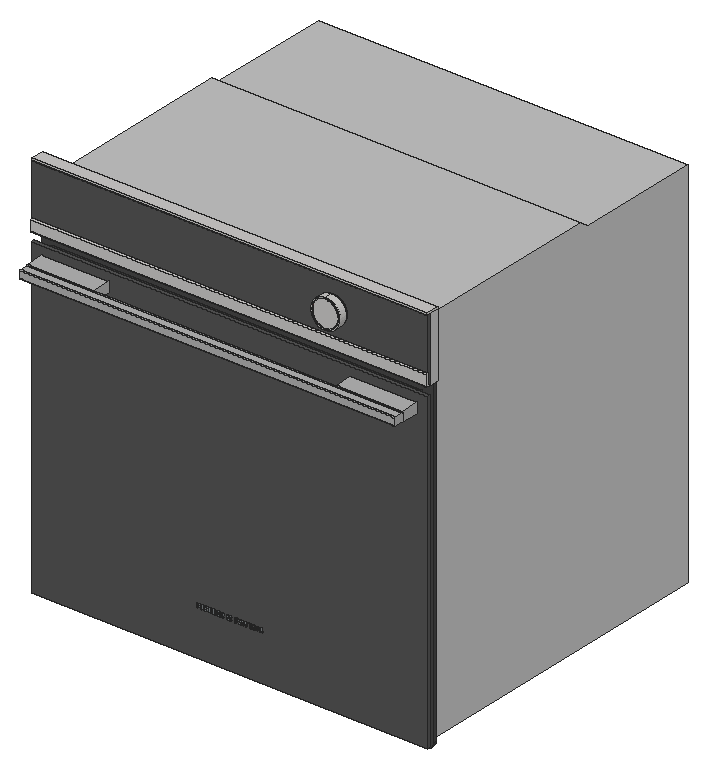
Revit family "FP-Revit18-OB24SD11PLX1-Oven-0-CA-US-90002657A", category Specialty Equipment, Revit 2018
Family settings
  Round Connector Dimension = Use Diameter
  Part Type = Normal
  OmniClass Number = 23.40.40.14.17.11
  OmniClass Title = Cookers, Ovens, Stoves
  Work Plane-Based = No
  Always vertical = Yes
  Cut with Voids When Loaded = Yes
  Shared = No
  Room Calculation Point = No
Parameters (values of type "OB24SD11PLX1")
  Visibility - Clearance Required = yes
  URL = "www.fisherpaykel.com"
  Product - Width = 596 mm  # constant formula
  Product - Height = 598 mm  # constant formula
  Product - Depth = 565 mm  # constant formula
  Model = "OB24SD11PLX1"
  Material - Trim = Fisher & Paykel - Stainless Steel
  Material - Structure = Fisher & Paykel - Black
  Material - Logo = Fisher & Paykel - Graphics Grey
  Material - Handle = Fisher & Paykel - Aluminium
  Material - Glass = Fisher & Paykel - Glass, Black
  Material - Buttons and Dials = Fisher & Paykel - Stainless Steel
  Material - Body = Fisher & Paykel - Grey
  Material - Bezel = Fisher & Paykel - Bezel Red
  Manufacturer = "Fisher & Paykel Appliances"
  FFL Offset [instance] = 200 mm
  Description = "24\" Built-In Oven"
  Connector Note - Electrical = "208-240 V, 16.6-19.4 A, 60 Hz"
  Chassis - Width = 556 mm  # constant formula
  Chassis - Height = 575 mm  # constant formula
  Chassis - Depth = 545 mm  # constant formula
  Cavity - Width = 560 mm  # constant formula
  Cavity - Height = 580 mm  # constant formula
  Cavity - Depth = 550 mm  # constant formula
Reference planes
  plane 1 "Datum": y = 0
  plane 2: z = 0
  plane 3 "Center (Left/Right)": x = 0
  plane 4 "Cavity": z = 780
  plane 5 "Product Height": z = 798
  plane 6 "Product LHS": x = -298
  plane 7 "Product RHS": x = 298
  plane 8 "Cavity LHS": x = -300
  plane 9 "Cavity RHS": x = 300
  plane 10 "Cavity - Depth": y = 550
  plane 11 "Product Depth": y = 545
  plane 12 "Front Face": y = -20
  plane 13 "FFL Offset": z = 200
  plane 14 "Cavity Height": z = 800
Forms (mm)
  Extrusion 1, solid, material "Fisher & Paykel - Grey" <- "Material - Body"
    sketch origin (0, 0, 0) x (0, 1, 0) y (0, 0, 1)
      loop
        line (0, 200) -> (525, 200) -> (525, 393.99) -> (545, 413.99) -> (545, 609.73) -> (495, 659.73) -> (495, 764.6) -> (307.721, 764.6) -> (293.958, 775) -> (0, 775) -> (0, 200)
    from -278 to 278
  Extrusion 2, void
    sketch origin (0, 0, 0) x (1, 0, 0) y (0, 1, 0)
      loop
        line (-278, 495) -> (-229.13, 495) -> (-179.13, 545) -> (-278, 545) -> (-278, 495)
      loop
        line (278, 495) -> (278, 545) -> (94.617, 545) -> (114.617, 525) -> (199.13, 525) -> (229.13, 495) -> (278, 495)
    from 200 to 764.6
  Extrusion 3, solid, material "Fisher & Paykel - Stainless Steel" <- "Material - Trim"
    sketch origin (0, 0, 0) x (0, 1, 0) y (0, 0, 1)
      loop
        line (0, 798) -> (-20.5, 798) -> (-20.5, 795.1) -> (0, 795.1) -> (0, 798)
    from -297.7 to 297.7
  Extrusion 4, solid, material "Fisher & Paykel - Grey" <- "Material - Body"
    sketch origin (0, 0, 0) x (0, 1, 0) y (0, 0, 1)
      loop
        line (-16, 795.1) -> (-16, 698) -> (0, 698) -> (0, 795.1) -> (-16, 795.1)
    from -297.7 to 297.7
  Extrusion 5, solid, material "Fisher & Paykel - Glass, Black" <- "Material - Glass"
    sketch origin (0, 0, 0) x (1, 0, 0) y (0, 0, 1)
      loop
        line (-298, 685.199) -> (-298, 210.2) -> (298, 210.2) -> (298, 685.199) -> (-298, 685.199)
      loop
        line (-298, 699.5) -> (298, 699.5) -> (298, 794.5) -> (-298, 794.5) -> (-298, 699.5)
    from 16 to 20
  Extrusion 6, solid, material "Fisher & Paykel - Black" <- "Material - Structure"
    sketch origin (0, 0, 0) x (0, 1, 0) y (0, 0, 1)
      loop
        line (-13.8, 683.7) -> (-16, 683.7) -> (-16, 224.7) -> (-5, 224.7) -> (-5, 680.497) -> (-13.8, 683.7)
    from -277 to 277
  Extrusion 7, solid, material "Fisher & Paykel - Black" <- "Material - Structure"
    sketch origin (0, 0, 0) x (1, 0, 0) y (0, 0, 1)
      loop
        line (-295, 698) -> (-295, 209.536)
        arc (-295, 209.536) -> (-292.207, 202.793) -> (-285.464, 200) r 9.536
        line (-285.464, 200) -> (285.5, 200)
        arc (285.5, 200) -> (292.218, 202.782) -> (295, 209.5) r 9.5
        line (295, 209.5) -> (295, 698) -> (-295, 698)
    from 0 to 5
  Extrusion 8, solid, material "Fisher & Paykel - Clearance Required", visible <- "Visibility - Clearance Required", detail levels coarse
    sketch origin (0, 0, 0) x (0, 1, 0) y (0, 0, 1)
      loop
        line (0, 800) -> (-20, 800) -> (-20, 685.452)
        arc (-20, 685.452) -> (-338.426, 558.091) -> (-479.879, 245.669) r 459.33
        line (-479.879, 245.669) -> (-453.852, 243.749) -> (-456.942, 201.858) -> (-440.966, 200.68) -> (-437.876, 242.565) -> (-20, 211.735) -> (-20, 200) -> (0, 200) -> (0, 800)
    from -300 to 300
  Extrusion 9, solid, material "Fisher & Paykel - Clearance Required", visible <- "Visibility - Clearance Required", detail levels coarse
    sketch origin (0, 0, 0) x (1, 0, 0) y (0, 1, 0)
      loop
        line (-280, 0) -> (280, 0) -> (280, 550) -> (-280, 550) -> (-280, 0)
    from 200 to 780
  Extrusion 10, void
    sketch origin (0, 0, 0) x (1, 0, 0) y (0, 1, 0)
      loop
        line (-300, -20) -> (300, -20) -> (300, 0) -> (-300, 0) -> (-300, -20)
    from 200 to 800
  Extrusion 11, solid, material "Fisher & Paykel - Stainless Steel" <- "Material - Trim", detail levels fine
    sketch origin (0, 0, 0) x (0, 1, 0) y (0, 0, 1)
      loop
        line (-21.7, 715.595) -> (-21.7, 699.2)
        arc (-21.7, 699.2) -> (-21.349, 698.351) -> (-20.5, 698) r 1.2
        line (-20.5, 698) -> (-17.526, 698) -> (-17.526, 699.5) -> (-20, 699.5) -> (-20, 717.643) -> (-20.789, 717.643) -> (-21.7, 715.595)
    from -298 to 298
  Extrusion 12, void
    sketch origin (0, 0, 0) x (1, 0, 0) y (0, 1, 0)
      loop
        line (-280, 550) -> (-280, 0) -> (280, 0) -> (280, 550) -> (-280, 550)
    from 200 to 780
  Extrusion 13, solid, material "Fisher & Paykel - Aluminium" <- "Material - Handle", detail levels fine
    sketch origin (0, -21, 664.221) x (0, 1, 0) y (0, 0, 1)
      loop
        arc (-26.813, 6.16) -> (-27.196, 6.554) -> (-27.728, 6.686) r 1
        line (-27.728, 6.686) -> (-40.035, 6.256)
        arc (-40.035, 6.256) -> (-40.719, 5.951) -> (-41, 5.257) r 1
        line (-41, 5.257) -> (-41, -5.257)
        arc (-41, -5.257) -> (-40.719, -5.951) -> (-40.035, -6.256) r 1
        line (-40.035, -6.256) -> (-27.709, -6.686)
        arc (-27.709, -6.686) -> (-27.175, -6.554) -> (-26.792, -6.158) r 1
        arc (-26.792, -6.158) -> (-25.256, 0.004) -> (-26.813, 6.16) r 13.038
    from -282.5 to 282.5
  Extrusion 14, solid, material "Fisher & Paykel - Aluminium" <- "Material - Handle", detail levels fine
    sketch origin (0, -21, 664.221) x (0, 1, 0) y (0, 0, 1)
      loop
        arc (-26.626, -6.008) -> (-26.614, -6.49) -> (-26.2, -6.737) r 0.5
        line (-26.2, -6.737) -> (1, -7.732) -> (1, 7.741) -> (-26.174, 6.747)
        arc (-26.174, 6.747) -> (-26.587, 6.5) -> (-26.6, 6.019) r 0.5
        arc (-26.6, 6.019) -> (-25.156, 0.002) -> (-26.626, -6.008) r 13.136
    from 182.5 to 282.5
  Extrusion 15, solid, material "Fisher & Paykel - Aluminium" <- "Material - Handle", detail levels coarse+medium
    sketch origin (0, -21, 664.221) x (1, 0, 0) y (0, 1, 0)
      loop
        line (-282.5, -41) -> (282.5, -41) -> (282.5, 1) -> (182.5, 1) -> (182.5, -26.156) -> (-182.5, -26.156) -> (-182.5, 1) -> (-282.5, 1) -> (-282.5, -41)
    from -8.022 to 7.978
  Extrusion 16, solid, material "Fisher & Paykel - Aluminium" <- "Material - Handle", detail levels fine
    sketch origin (0, -21, 664.221) x (0, 1, 0) y (0, 0, 1)
      loop
        arc (-26.626, -6.008) -> (-26.614, -6.49) -> (-26.2, -6.737) r 0.5
        line (-26.2, -6.737) -> (1, -7.732) -> (1, 7.741) -> (-26.174, 6.747)
        arc (-26.174, 6.747) -> (-26.587, 6.5) -> (-26.6, 6.019) r 0.5
        arc (-26.6, 6.019) -> (-25.156, 0.002) -> (-26.626, -6.008) r 13.136
    from -282.5 to -182.5
  Extrusion 17, solid, material "Fisher & Paykel - Aluminium" <- "Material - Handle", not visible, detail levels fine
    sketch origin (0, -22, 652) x (0, 1, 0) y (0, 0, 1)
      loop
        arc (-26.813, 6.16) -> (-27.196, 6.554) -> (-27.728, 6.686) r 1
        line (-27.728, 6.686) -> (-40.035, 6.256)
        arc (-40.035, 6.256) -> (-40.719, 5.951) -> (-41, 5.257) r 1
        line (-41, 5.257) -> (-41, -5.257)
        arc (-41, -5.257) -> (-40.719, -5.951) -> (-40.035, -6.256) r 1
        line (-40.035, -6.256) -> (-27.709, -6.686)
        arc (-27.709, -6.686) -> (-27.175, -6.554) -> (-26.792, -6.158) r 1
        arc (-26.792, -6.158) -> (-25.256, 0.004) -> (-26.813, 6.16) r 13.038
    from -282.5 to 282.5
  Extrusion 18, solid, material "Fisher & Paykel - Aluminium" <- "Material - Handle", not visible, detail levels fine
    sketch origin (0, -22, 652) x (0, 1, 0) y (0, 0, 1)
      loop
        arc (-26.626, -6.008) -> (-26.614, -6.49) -> (-26.2, -6.737) r 0.5
        line (-26.2, -6.737) -> (1, -7.732) -> (1, 7.741) -> (-26.174, 6.747)
        arc (-26.174, 6.747) -> (-26.587, 6.5) -> (-26.6, 6.019) r 0.5
        arc (-26.6, 6.019) -> (-25.156, 0.002) -> (-26.626, -6.008) r 13.136
    from 182.5 to 282.5
  Extrusion 19, solid, material "Fisher & Paykel - Aluminium" <- "Material - Handle", not visible, detail levels coarse+medium
    sketch origin (0, -22, 652) x (1, 0, 0) y (0, 1, 0)
      loop
        line (-282.5, -41) -> (282.5, -41) -> (282.5, 1) -> (182.5, 1) -> (182.5, -26.156) -> (-182.5, -26.156) -> (-182.5, 1) -> (-282.5, 1) -> (-282.5, -41)
    from -8.022 to 7.978
  Extrusion 20, solid, material "Fisher & Paykel - Aluminium" <- "Material - Handle", not visible, detail levels fine
    sketch origin (0, -22, 652) x (0, 1, 0) y (0, 0, 1)
      loop
        arc (-26.626, -6.008) -> (-26.614, -6.49) -> (-26.2, -6.737) r 0.5
        line (-26.2, -6.737) -> (1, -7.732) -> (1, 7.741) -> (-26.174, 6.747)
        arc (-26.174, 6.747) -> (-26.587, 6.5) -> (-26.6, 6.019) r 0.5
        arc (-26.6, 6.019) -> (-25.156, 0.002) -> (-26.626, -6.008) r 13.136
    from -282.5 to -182.5
  Extrusion 21, solid, material "Fisher & Paykel - Graphics Grey" <- "Material - Logo", detail levels fine
    sketch origin (0, -20, 278.956) x (1, 0, 0) y (0, 0, 1)
      loop
        line (-49.544, 0) -> (-47.97, 0) -> (-47.97, 2.138) -> (-45.511, 2.138) -> (-45.511, 3.472) -> (-47.97, 3.472) -> (-47.97, 4.712) -> (-45.295, 4.712) -> (-45.295, 6.04) -> (-49.544, 6.04) -> (-49.544, 0)
      loop
        line (-42.304, 6.04) -> (-42.304, 0) -> (-40.73, 0) -> (-40.73, 6.04) -> (-42.304, 6.04)
      loop
        line (-30.224, 6.04) -> (-30.224, 0) -> (-28.651, 0) -> (-28.651, 2.42) -> (-26.339, 2.42) -> (-26.339, 0) -> (-24.765, 0) -> (-24.765, 6.04) -> (-26.339, 6.04) -> (-26.339, 3.748) -> (-28.651, 3.748) -> (-28.651, 6.04) -> (-30.224, 6.04)
      loop
        line (-21.406, 6.04) -> (-21.406, 0) -> (-17.102, 0) -> (-17.102, 1.328) -> (-19.847, 1.328) -> (-19.847, 2.42) -> (-17.338, 2.42) -> (-17.338, 3.748) -> (-19.847, 3.748) -> (-19.847, 4.712) -> (-17.102, 4.712) -> (-17.102, 6.04) -> (-21.406, 6.04)
      loop
        line (46.167, 6.04) -> (46.167, 0) -> (50.456, 0) -> (50.456, 1.328) -> (47.741, 1.328) -> (47.741, 6.04) -> (46.167, 6.04)
      loop
        line (42.931, 6.04) -> (38.612, 6.04) -> (38.612, 0) -> (42.931, 0) -> (42.931, 1.328) -> (40.187, 1.328) -> (40.187, 2.42) -> (42.695, 2.42) -> (42.695, 3.748) -> (40.187, 3.748) -> (40.187, 4.712) -> (42.931, 4.712) -> (42.931, 6.04)
      loop
        line (33.951, 3.148) -> (36.183, 6.04) -> (34.344, 6.04) -> (32.415, 3.542) -> (32.415, 6.04) -> (30.842, 6.04) -> (30.842, 0) -> (32.415, 0) -> (32.415, 2.705) -> (34.403, 0) -> (36.263, 0) -> (33.951, 3.148)
      loop
        line (22.48, 6.04) -> (24.762, 2.42) -> (24.762, 0) -> (26.337, 0) -> (26.337, 2.341) -> (28.619, 6.04) -> (26.946, 6.04) -> (25.599, 3.707) -> (24.253, 6.04) -> (22.48, 6.04)
      loop
        line (18.979, 6.04) -> (17.483, 6.04) -> (15.024, 0) -> (16.569, 0) -> (17.001, 1.112) -> (19.421, 1.112) -> (19.854, 0) -> (21.438, 0) -> (18.979, 6.04)
      loop
        line (18.9, 2.439) -> (18.193, 4.174) -> (17.518, 2.439) -> (18.9, 2.439)
      loop
        line (8.531, 6.04) -> (8.531, 0) -> (10.105, 0) -> (10.105, 1.938) -> (11.099, 1.938)
        arc (11.099, 1.938) -> (13.15, 3.989) -> (11.099, 6.04) r 2.051
        line (11.099, 6.04) -> (8.531, 6.04)
      loop
        line (10.105, 4.712) -> (10.105, 3.197) -> (11.001, 3.197)
        arc (11.001, 3.197) -> (11.759, 3.954) -> (11.001, 4.712) r 0.757
        line (11.001, 4.712) -> (10.105, 4.712)
      loop
        line (-11.283, 6.04) -> (-13.866, 6.04) -> (-13.866, 0) -> (-12.292, 0) -> (-12.292, 1.336) -> (-11.492, 1.336) -> (-10.472, 0) -> (-8.653, 0) -> (-10.194, 1.973)
        arc (-10.194, 1.973) -> (-9.178, 4.424) -> (-11.283, 6.04) r 2.179
      loop
        line (-11.397, 4.712) -> (-12.292, 4.712) -> (-12.292, 3.053) -> (-11.397, 3.053)
        arc (-11.397, 3.053) -> (-10.568, 3.882) -> (-11.397, 4.712) r 0.83
      loop
        line (0.977, 4.712) -> (0.977, 6.153) -> (-3.075, 6.153) -> (-3.075, 4.851) -> (-2.474, 4.112)
        arc (-2.474, 4.112) -> (-3.01, 0.684) -> (0.455, 0.512) r 2.334
        line (0.455, 0.512) -> (0.96, -0.109) -> (2.746, -0.109) -> (1.36, 1.594) -> (2.561, 3.324) -> (0.943, 3.324) -> (0.487, 2.667) -> (-1.177, 4.712) -> (0.977, 4.712)
      loop
        arc (-1.625, 3.068) -> (-1.769, 1.668) -> (-0.368, 1.524) r 0.996
        line (-0.368, 1.524) -> (-1.625, 3.068)
      loop
        line (-34.68, 3.634) -> (-36.016, 3.91)
        arc (-36.016, 3.91) -> (-36.549, 4.443) -> (-36.016, 4.976) r 0.533
        arc (-36.016, 4.976) -> (-34.735, 4.79) -> (-33.559, 4.248) r 4.505
        line (-33.559, 4.248) -> (-33.559, 5.743)
        arc (-33.559, 5.743) -> (-35.049, 6.179) -> (-36.6, 6.109) r 4.726
        arc (-36.6, 6.109) -> (-38.036, 4.335) -> (-36.6, 2.561) r 1.814
        line (-36.6, 2.561) -> (-35.254, 2.282)
        arc (-35.254, 2.282) -> (-34.721, 1.749) -> (-35.254, 1.216) r 0.533
        arc (-35.254, 1.216) -> (-36.535, 1.402) -> (-37.711, 1.945) r 4.505
        line (-37.711, 1.945) -> (-37.711, 0.449)
        arc (-37.711, 0.449) -> (-36.22, 0.013) -> (-34.669, 0.083) r 4.726
        arc (-34.669, 0.083) -> (-33.234, 1.863) -> (-34.68, 3.634) r 1.814
    from 0 to 0.8
  Revolve 22, solid, material "Fisher & Paykel - Stainless Steel" <- "Material - Buttons and Dials", detail levels fine
    sketch origin (154.861, -20, 752.537) x (0, 1, 0) y (0, 0, 1)
      loop
        line (0, 22) -> (-0.843, 22) -> (-0.843, 16.038) -> (-2.39, 16.038) -> (-2.39, 22) -> (-13.7, 22) -> (-13.7, 21.2) -> (-13.191, 20) -> (-8.9, 20) -> (-8.9, 0) -> (0, 0) -> (0, 22)
      axis (0, 0) -> (-13.7, 0)
    angle from 0 to 360
  Extrusion 23, solid, material "Fisher & Paykel - Stainless Steel" <- "Material - Buttons and Dials", detail levels fine
    sketch origin (154.861, -20, 752.537) x (1, 0, 0) y (0, 0, 1)
      loop
        circle (0, 0) r 19.45
    from 8.9 to 13.191
  Extrusion 24, solid, material "Fisher & Paykel - Stainless Steel" <- "Material - Buttons and Dials", detail levels coarse+medium
    sketch origin (154.861, -20, 752.537) x (1, 0, 0) y (0, 0, 1)
      loop
        circle (0, 0) r 22
    from 0 to 13.7
  Extrusion 25, solid, material "Fisher & Paykel - Bezel Red" <- "Material - Bezel", detail levels fine
    sketch origin (154.861, -20, 752.537) x (1, 0, 0) y (0, 0, 1)
      loop
        circle (0, 0) r 19.45
      loop
        circle (0, 0) r 20
    from 2.39 to 13.191
  Sweep 26, solid, material "Fisher & Paykel - Grey" <- "Material - Body"
    path origin (-195.035, 0, 0) x (0, 1, 0) y (0, 0, 1)
      loop
        line (478.272, 708.8) -> (498.6, 708.8)
        arc (498.6, 708.8) -> (507.085, 705.285) -> (510.6, 696.8) r 12
        line (510.6, 696.8) -> (510.6, 678.8)
    profile origin (-195.035, 488.436, 708.8) x (0, 0, 1) y (1, 0, 0)
      loop
        circle (0, 0) r 11
Cuts and joins
  Extrusion 2 cuts Extrusion 1
Lines and regions (mm)
  model lines, style "Fisher & Paykel"
    curve 1: line (217, -20, 334) -> (-217, -20, 334)
    curve 2: line (217, -20, 617.236) -> (217, -20, 334)
    curve 3: line (-217, -20, 617.236) -> (217, -20, 617.236)
    curve 4: line (-217, -20, 334) -> (-217, -20, 617.236)
Text (mm)
  text "Due to ongoing product development, product details are subject to change without notice. \nPlease always refer to www.fisherpaykel.com for the most current product information. \n© Fisher & Paykel 2020" at (40.64, -604.808, 0), in view "Ref. Level (Plan)"
Dimensions and locks
  equal spacing: plane 6 "Product LHS", plane 3 "Center (Left/Right)", plane 7 "Product RHS"
  "Product - Width": plane 6 "Product LHS" to plane 7 "Product RHS"
  equal spacing: plane 8 "Cavity LHS", plane 3 "Center (Left/Right)", plane 9 "Cavity RHS"
  "Cavity - Depth": plane 10 "Cavity - Depth" to plane 1 "Datum"
  "Chassis - Depth": plane 11 "Product Depth" to plane 1 "Datum"
  plane 12 "Front Face" to plane 1 "Datum" = 20 mm
  "Product - Depth": plane 11 "Product Depth" to plane 12 "Front Face"
  "FFL Offset": plane 13 "FFL Offset" to level
  "Product - Height": plane 5 "Product Height" to plane 13 "FFL Offset"
  "Cavity - Height": plane 4 "Cavity" to plane 13 "FFL Offset"
  Extrusion 5 to plane 13 "FFL Offset" = 10.2 mm
  Extrusion 6 to plane 13 "FFL Offset" = 24.7 mm
  locked: plane 5 "Product Height" to cut or joined group of Extrusion 1, Extrusion 2 at 33.4
  locked: plane 14 "Cavity Height" to plane 13 "FFL Offset" at 600
  locked: Extrusion 21 to plane 13 "FFL Offset" at 78.847
  equal spacing: Extrusion 9, plane 3 "Center (Left/Right)", Extrusion 9
  "Cavity - Width": Extrusion 9 to Extrusion 9
  locked: Extrusion 15 to plane 13 "FFL Offset" at 472.199
  locked: Extrusion 8 sketch curve to plane 13 "FFL Offset" at 11.735
  equal spacing: cut or joined group of Extrusion 1, Extrusion 2, plane 3 "Center (Left/Right)", cut or joined group of Extrusion 1, Extrusion 2
  "Chassis - Width": cut or joined group of Extrusion 1, Extrusion 2 to cut or joined group of Extrusion 1, Extrusion 2
  aligned and locked: level to plane 2
  aligned and locked: plane 8 "Cavity LHS" to Extrusion 8
  aligned and locked: Extrusion 8 to plane 9 "Cavity RHS"
  aligned and locked: Extrusion 1 sketch curve to plane 13 "FFL Offset"
  aligned and locked: Extrusion 1 to Extrusion 2
  aligned and locked: Extrusion 2 to Extrusion 1
  aligned and locked: plane 13 "FFL Offset" to Extrusion 8 sketch curve
  aligned and locked: plane 13 "FFL Offset" to Extrusion 7 sketch curve
  aligned and locked: Extrusion 12 to cut or joined group of Extrusion 1, Extrusion 2
  aligned and locked: plane 4 "Cavity" to Extrusion 12
  aligned and locked: plane 4 "Cavity" to Extrusion 9
  aligned and locked: Extrusion 9 to cut or joined group of Extrusion 1, Extrusion 2
  aligned and locked: Extrusion 10 to cut or joined group of Extrusion 1, Extrusion 2
  aligned and locked: Extrusion 10 to Extrusion 7
  aligned and locked: Extrusion 10 to Extrusion 8
  aligned and locked: plane 14 "Cavity Height" to Extrusion 10
  aligned and locked: Extrusion 12 to Extrusion 9  (x2)
Automatic sketch dimensions
  Extrusion 13 sketch curve to Extrusion 13 sketch curve = 0.965 mm  (x2)
  Extrusion 13 sketch curve to Extrusion 13 sketch curve = 0.035 mm  (x4)
  Extrusion 13 sketch curve to Extrusion 13 sketch curve = 1.706 mm
  Extrusion 13 sketch curve to Extrusion 13 sketch curve = 12.307 mm
  Extrusion 13 sketch curve to Extrusion 13 sketch curve = 12.326 mm
  Extrusion 13 sketch curve to Extrusion 13 sketch curve = 0.999 mm  (x2)
  Extrusion 13 sketch curve to Extrusion 13 sketch curve = 5.238 mm
  Extrusion 13 sketch curve to Extrusion 13 sketch curve = 0 mm
  Extrusion 14 sketch curve to Extrusion 14 sketch curve = 12.091 mm
  Extrusion 14 sketch curve to Extrusion 14 sketch curve = 0.018 mm  (x2)
  Extrusion 14 sketch curve to Extrusion 14 sketch curve = 0.008 mm
  Extrusion 14 sketch curve to Extrusion 14 sketch curve = 27.174 mm
  Extrusion 14 sketch curve to Extrusion 14 sketch curve = 15.473 mm
  Extrusion 14 sketch curve to Extrusion 14 sketch curve = 0.5 mm  (x2)
  Extrusion 14 sketch curve to Extrusion 14 sketch curve = 0 mm
  Extrusion 15 sketch curve to Extrusion 15 sketch curve = 14.844 mm
  Extrusion 15 sketch curve to Extrusion 15 sketch curve = 27.156 mm  (x2)
  Extrusion 16 sketch curve to Extrusion 16 sketch curve = 12.091 mm
  Extrusion 16 sketch curve to Extrusion 16 sketch curve = 0.018 mm  (x2)
  Extrusion 16 sketch curve to Extrusion 16 sketch curve = 0.008 mm
  Extrusion 16 sketch curve to Extrusion 16 sketch curve = 27.174 mm
  Extrusion 16 sketch curve to Extrusion 16 sketch curve = 15.473 mm
  Extrusion 16 sketch curve to Extrusion 16 sketch curve = 0.5 mm  (x2)
  Extrusion 16 sketch curve to Extrusion 16 sketch curve = 0 mm
  Extrusion 13 sketch curve to Extrusion 13 sketch curve = 0.43 mm
  Extrusion 13 sketch curve to Extrusion 13 sketch curve = 5.275 mm
  Extrusion 13 sketch curve to Extrusion 13 sketch curve = 11.374 mm
  Extrusion 14 sketch curve to Extrusion 14 sketch curve = 0.995 mm
  Extrusion 14 sketch curve to Extrusion 14 sketch curve = 6.268 mm
  Extrusion 14 sketch curve to Extrusion 14 sketch curve = 12.255 mm
  Extrusion 15 sketch curve to Extrusion 15 sketch curve = 100 mm  (x2)
  Extrusion 15 sketch curve to Extrusion 15 sketch curve = 365 mm
  Extrusion 16 sketch curve to Extrusion 16 sketch curve = 0.995 mm
  Extrusion 16 sketch curve to Extrusion 16 sketch curve = 6.268 mm
  Extrusion 16 sketch curve to Extrusion 16 sketch curve = 12.255 mm
  Extrusion 17 sketch curve to Extrusion 17 sketch curve = 0.965 mm  (x2)
  Extrusion 17 sketch curve to Extrusion 17 sketch curve = 0.035 mm  (x4)
  Extrusion 17 sketch curve to Extrusion 17 sketch curve = 1.706 mm
  Extrusion 17 sketch curve to Extrusion 17 sketch curve = 12.307 mm
  Extrusion 17 sketch curve to Extrusion 17 sketch curve = 12.326 mm
  Extrusion 17 sketch curve to Extrusion 17 sketch curve = 0.999 mm  (x2)
  Extrusion 17 sketch curve to Extrusion 17 sketch curve = 5.238 mm
  Extrusion 17 sketch curve to Extrusion 17 sketch curve = 0 mm
  Extrusion 18 sketch curve to Extrusion 18 sketch curve = 12.091 mm
  Extrusion 18 sketch curve to Extrusion 18 sketch curve = 0.018 mm  (x2)
  Extrusion 18 sketch curve to Extrusion 18 sketch curve = 0.008 mm
  Extrusion 18 sketch curve to Extrusion 18 sketch curve = 27.174 mm
  Extrusion 18 sketch curve to Extrusion 18 sketch curve = 15.473 mm
  Extrusion 18 sketch curve to Extrusion 18 sketch curve = 0.5 mm  (x2)
  Extrusion 18 sketch curve to Extrusion 18 sketch curve = 0 mm
  Extrusion 19 sketch curve to Extrusion 19 sketch curve = 14.844 mm
  Extrusion 19 sketch curve to Extrusion 19 sketch curve = 27.156 mm  (x2)
  Extrusion 20 sketch curve to Extrusion 20 sketch curve = 12.091 mm
  Extrusion 20 sketch curve to Extrusion 20 sketch curve = 0.018 mm  (x2)
  Extrusion 20 sketch curve to Extrusion 20 sketch curve = 0.008 mm
  Extrusion 20 sketch curve to Extrusion 20 sketch curve = 27.174 mm
  Extrusion 20 sketch curve to Extrusion 20 sketch curve = 15.473 mm
  Extrusion 20 sketch curve to Extrusion 20 sketch curve = 0.5 mm  (x2)
  Extrusion 20 sketch curve to Extrusion 20 sketch curve = 0 mm
  Extrusion 17 sketch curve to Extrusion 17 sketch curve = 0.43 mm
  Extrusion 17 sketch curve to Extrusion 17 sketch curve = 5.275 mm
  Extrusion 17 sketch curve to Extrusion 17 sketch curve = 11.374 mm
  Extrusion 18 sketch curve to Extrusion 18 sketch curve = 0.995 mm
  Extrusion 18 sketch curve to Extrusion 18 sketch curve = 6.268 mm
  Extrusion 18 sketch curve to Extrusion 18 sketch curve = 12.255 mm
  Extrusion 19 sketch curve to Extrusion 19 sketch curve = 100 mm  (x2)
  Extrusion 19 sketch curve to Extrusion 19 sketch curve = 365 mm
  Extrusion 20 sketch curve to Extrusion 20 sketch curve = 0.995 mm
  Extrusion 20 sketch curve to Extrusion 20 sketch curve = 6.268 mm
  Extrusion 20 sketch curve to Extrusion 20 sketch curve = 12.255 mm
  Extrusion 1 sketch curve to plane 1 "Datum" = 0 mm
  Extrusion 1 sketch curve to plane 11 "Product Depth" = 0 mm
  Extrusion 1 sketch curve to plane 4 "Cavity" = 5 mm
  Extrusion 1 sketch curve to plane 11 "Product Depth" = 251.042 mm
  Extrusion 1 sketch curve to Extrusion 1 sketch curve = 13.762 mm
  Extrusion 1 sketch curve to plane 4 "Cavity" = 15.4 mm
  Extrusion 1 sketch curve to plane 11 "Product Depth" = 50 mm
  Extrusion 1 sketch curve to plane 11 "Product Depth" = 20 mm
  Extrusion 1 sketch curve to Extrusion 1 sketch curve = 193.99 mm
  Extrusion 1 sketch curve to Extrusion 1 sketch curve = 20 mm
  Extrusion 1 sketch curve to Extrusion 1 sketch curve = 154.87 mm
  Extrusion 1 sketch curve to Extrusion 1 sketch curve = 50 mm
  Extrusion 2 sketch curve to plane 11 "Product Depth" = 0 mm  (x2)
  Extrusion 2 sketch curve to plane 6 "Product LHS" = 20 mm
  Extrusion 2 sketch curve to Extrusion 2 sketch curve = 48.87 mm
  Extrusion 2 sketch curve to Extrusion 2 sketch curve = 50 mm  (x3)
  plane 3 "Center (Left/Right)" to Extrusion 2 sketch curve = 94.617 mm
  Extrusion 2 sketch curve to Extrusion 2 sketch curve = 20 mm
  Extrusion 2 sketch curve to plane 11 "Product Depth" = 20 mm
  Extrusion 2 sketch curve to Extrusion 2 sketch curve = 84.513 mm
  Extrusion 2 sketch curve to Extrusion 2 sketch curve = 30 mm
  plane 7 "Product RHS" to Extrusion 2 sketch curve = 20 mm
  Extrusion 3 sketch curve to plane 1 "Datum" = 0 mm
  Extrusion 3 sketch curve to plane 12 "Front Face" = 0.5 mm
  Extrusion 3 sketch curve to plane 5 "Product Height" = 2.9 mm
  plane 5 "Product Height" to Extrusion 3 sketch curve = 0 mm
  Extrusion 4 sketch curve to plane 1 "Datum" = 0 mm
  plane 12 "Front Face" to Extrusion 4 sketch curve = 4 mm
  Extrusion 4 sketch curve to plane 4 "Cavity" = 82 mm
  Extrusion 4 sketch curve to plane 5 "Product Height" = 2.9 mm
  plane 6 "Product LHS" to Extrusion 5 sketch curve = 0 mm  (x2)
  plane 7 "Product RHS" to Extrusion 5 sketch curve = 0 mm  (x2)
  plane 13 "FFL Offset" to Extrusion 5 sketch curve = 10.2 mm
  Extrusion 5 sketch curve to plane 4 "Cavity" = 94.801 mm
  Extrusion 5 sketch curve to Extrusion 5 sketch curve = 14.301 mm
  Extrusion 5 sketch curve to plane 5 "Product Height" = 3.5 mm
  plane 12 "Front Face" to Extrusion 6 sketch curve = 4 mm
  Extrusion 6 sketch curve to Extrusion 6 sketch curve = 2.2 mm
  plane 1 "Datum" to Extrusion 6 sketch curve = 5 mm
  plane 13 "FFL Offset" to Extrusion 6 sketch curve = 24.7 mm
  Extrusion 6 sketch curve to plane 4 "Cavity" = 99.503 mm
  Extrusion 6 sketch curve to Extrusion 6 sketch curve = 3.203 mm
  Extrusion 7 sketch curve to plane 6 "Product LHS" = 3 mm
  Extrusion 7 sketch curve to Extrusion 7 sketch curve = 9.536 mm
  plane 7 "Product RHS" to Extrusion 7 sketch curve = 12.5 mm
  plane 7 "Product RHS" to Extrusion 7 sketch curve = 3 mm
  Extrusion 7 sketch curve to plane 4 "Cavity" = 82 mm
  Extrusion 9 sketch curve to plane 10 "Cavity - Depth" = 0 mm
  plane 1 "Datum" to Extrusion 9 sketch curve = 0 mm
  Extrusion 9 sketch curve to plane 6 "Product LHS" = 18 mm
  plane 7 "Product RHS" to Extrusion 9 sketch curve = 18 mm
  plane 1 "Datum" to Extrusion 10 sketch curve = 0 mm
  Extrusion 10 sketch curve to plane 8 "Cavity LHS" = 0 mm
  Extrusion 10 sketch curve to plane 9 "Cavity RHS" = 0 mm
  Extrusion 10 sketch curve to plane 12 "Front Face" = 0 mm
  Extrusion 11 sketch curve to plane 12 "Front Face" = 0 mm
  Extrusion 11 sketch curve to plane 12 "Front Face" = 0.5 mm
  Extrusion 11 sketch curve to Extrusion 11 sketch curve = 0.789 mm
  Extrusion 11 sketch curve to plane 12 "Front Face" = 1.7 mm
  plane 12 "Front Face" to Extrusion 11 sketch curve = 2.474 mm
  Extrusion 11 sketch curve to plane 4 "Cavity" = 82 mm
  Extrusion 11 sketch curve to Extrusion 11 sketch curve = 1.5 mm
  Extrusion 11 sketch curve to Extrusion 11 sketch curve = 16.095 mm
  Extrusion 11 sketch curve to Extrusion 11 sketch curve = 2.048 mm
  plane 1 "Datum" to Extrusion 12 sketch curve = 0 mm
  Extrusion 12 sketch curve to plane 10 "Cavity - Depth" = 0 mm
  Extrusion 12 sketch curve to plane 6 "Product LHS" = 18 mm
  plane 7 "Product RHS" to Extrusion 12 sketch curve = 18 mm
  Extrusion 21 sketch curve to plane 3 "Center (Left/Right)" = 49.544 mm
  Extrusion 21 sketch curve to Extrusion 21 sketch curve = 1.574 mm  (x12)
  Extrusion 21 sketch curve to Extrusion 21 sketch curve = 2.459 mm
  Extrusion 21 sketch curve to Extrusion 21 sketch curve = 0.216 mm
  Extrusion 21 sketch curve to Extrusion 21 sketch curve = 3.207 mm
  Extrusion 21 sketch curve to Extrusion 21 sketch curve = 3.02 mm
  Extrusion 21 sketch curve to Extrusion 21 sketch curve = 1.11 mm
  Extrusion 21 sketch curve to Extrusion 21 sketch curve = 0.379 mm
  Extrusion 21 sketch curve to Extrusion 21 sketch curve = 0.206 mm  (x2)
  Extrusion 21 sketch curve to Extrusion 21 sketch curve = 0.36 mm  (x2)
  Extrusion 21 sketch curve to Extrusion 21 sketch curve = 0.402 mm
  Extrusion 21 sketch curve to Extrusion 21 sketch curve = 0 mm  (x21)
  Extrusion 21 sketch curve to Extrusion 21 sketch curve = 1.335 mm  (x2)
  Extrusion 21 sketch curve to Extrusion 21 sketch curve = 1.121 mm
  Extrusion 21 sketch curve to Extrusion 21 sketch curve = 3.335 mm
  Extrusion 21 sketch curve to Extrusion 21 sketch curve = 2.312 mm  (x2)
  Extrusion 21 sketch curve to Extrusion 21 sketch curve = 3.359 mm
  Extrusion 21 sketch curve to Extrusion 21 sketch curve = 1.559 mm
  Extrusion 21 sketch curve to Extrusion 21 sketch curve = 2.508 mm  (x2)
  Extrusion 21 sketch curve to Extrusion 21 sketch curve = 0.236 mm  (x4)
  Extrusion 21 sketch curve to Extrusion 21 sketch curve = 3.236 mm  (x2)
  Extrusion 21 sketch curve to Extrusion 21 sketch curve = 0.8 mm
  Extrusion 21 sketch curve to Extrusion 21 sketch curve = 0.895 mm
  Extrusion 21 sketch curve to Extrusion 21 sketch curve = 0.114 mm
  Extrusion 21 sketch curve to Extrusion 21 sketch curve = 1.02 mm
  Extrusion 21 sketch curve to Extrusion 21 sketch curve = 1.298 mm
  Extrusion 21 sketch curve to Extrusion 21 sketch curve = 1.82 mm
  Extrusion 21 sketch curve to plane 3 "Center (Left/Right)" = 3.075 mm
  Extrusion 21 sketch curve to Extrusion 21 sketch curve = 0.602 mm
  Extrusion 21 sketch curve to Extrusion 21 sketch curve = 0.849 mm
  Extrusion 21 sketch curve to Extrusion 21 sketch curve = 0.425 mm
  Extrusion 21 sketch curve to plane 3 "Center (Left/Right)" = 1.177 mm
  Extrusion 21 sketch curve to Extrusion 21 sketch curve = 0.203 mm
  Extrusion 21 sketch curve to plane 3 "Center (Left/Right)" = 0.368 mm
  plane 3 "Center (Left/Right)" to Extrusion 21 sketch curve = 0.455 mm
  plane 3 "Center (Left/Right)" to Extrusion 21 sketch curve = 0.487 mm
  Extrusion 21 sketch curve to Extrusion 21 sketch curve = 0.456 mm
  Extrusion 21 sketch curve to Extrusion 21 sketch curve = 0.505 mm
  plane 3 "Center (Left/Right)" to Extrusion 21 sketch curve = 0.977 mm
  plane 3 "Center (Left/Right)" to Extrusion 21 sketch curve = 1.36 mm
  Extrusion 21 sketch curve to Extrusion 21 sketch curve = 1.618 mm
  Extrusion 21 sketch curve to Extrusion 21 sketch curve = 1.785 mm
  Extrusion 21 sketch curve to Extrusion 21 sketch curve = 5.971 mm
  Extrusion 21 sketch curve to Extrusion 21 sketch curve = 0.896 mm
  Extrusion 21 sketch curve to Extrusion 21 sketch curve = 0.994 mm
  Extrusion 21 sketch curve to Extrusion 21 sketch curve = 3.925 mm
  Extrusion 21 sketch curve to Extrusion 21 sketch curve = 1.545 mm
  Extrusion 21 sketch curve to Extrusion 21 sketch curve = 0.433 mm  (x2)
  Extrusion 21 sketch curve to Extrusion 21 sketch curve = 0.482 mm
  Extrusion 21 sketch curve to Extrusion 21 sketch curve = 0.517 mm
  Extrusion 21 sketch curve to Extrusion 21 sketch curve = 0.675 mm
  Extrusion 21 sketch curve to Extrusion 21 sketch curve = 1.381 mm
  Extrusion 21 sketch curve to Extrusion 21 sketch curve = 1.495 mm
  Extrusion 21 sketch curve to Extrusion 21 sketch curve = 0.522 mm
  Extrusion 21 sketch curve to Extrusion 21 sketch curve = 1.584 mm
  Extrusion 21 sketch curve to Extrusion 21 sketch curve = 3.502 mm
  Extrusion 21 sketch curve to Extrusion 21 sketch curve = 1.772 mm
  Extrusion 21 sketch curve to Extrusion 21 sketch curve = 0.51 mm
  Extrusion 21 sketch curve to Extrusion 21 sketch curve = 0.837 mm
  Extrusion 21 sketch curve to Extrusion 21 sketch curve = 0.737 mm
  Extrusion 21 sketch curve to Extrusion 21 sketch curve = 2.694 mm
  Extrusion 21 sketch curve to Extrusion 21 sketch curve = 1.673 mm
  Extrusion 21 sketch curve to Extrusion 21 sketch curve = 2.223 mm
  Extrusion 21 sketch curve to Extrusion 21 sketch curve = 1.535 mm
  Extrusion 21 sketch curve to Extrusion 21 sketch curve = 1.928 mm
  Extrusion 21 sketch curve to Extrusion 21 sketch curve = 1.987 mm
  Extrusion 21 sketch curve to Extrusion 21 sketch curve = 1.839 mm
  Extrusion 21 sketch curve to Extrusion 21 sketch curve = 1.86 mm
  Extrusion 21 sketch curve to Extrusion 21 sketch curve = 2.429 mm
  Extrusion 21 sketch curve to Extrusion 21 sketch curve = 2.715 mm
  plane 13 "FFL Offset" to Extrusion 21 sketch curve = 78.847 mm
  Extrusion 21 sketch curve to Extrusion 21 sketch curve = 0.109 mm  (x5)
  Extrusion 21 sketch curve to Extrusion 21 sketch curve = 0.449 mm
  Extrusion 21 sketch curve to Extrusion 21 sketch curve = 0.023 mm
  Extrusion 21 sketch curve to Extrusion 21 sketch curve = 0.621 mm
  Extrusion 21 sketch curve to Extrusion 21 sketch curve = 1.112 mm
  Extrusion 21 sketch curve to Extrusion 21 sketch curve = 1.328 mm  (x10)
  Extrusion 21 sketch curve to Extrusion 21 sketch curve = 1.336 mm
  Extrusion 21 sketch curve to Extrusion 21 sketch curve = 1.015 mm
  Extrusion 21 sketch curve to Extrusion 21 sketch curve = 1.012 mm
  Extrusion 21 sketch curve to Extrusion 21 sketch curve = 1.082 mm
  Extrusion 21 sketch curve to Extrusion 21 sketch curve = 0.262 mm  (x2)
  Extrusion 21 sketch curve to Extrusion 21 sketch curve = 1.938 mm
  Extrusion 21 sketch curve to Extrusion 21 sketch curve = 1.496 mm  (x2)
  Extrusion 21 sketch curve to Extrusion 21 sketch curve = 0.637 mm
  Extrusion 21 sketch curve to Extrusion 21 sketch curve = 2.138 mm
  Extrusion 21 sketch curve to Extrusion 21 sketch curve = 0.632 mm
  Extrusion 21 sketch curve to Extrusion 21 sketch curve = 0.424 mm  (x2)
  Extrusion 21 sketch curve to Extrusion 21 sketch curve = 0.14 mm
  Extrusion 21 sketch curve to Extrusion 21 sketch curve = 2.341 mm
  Extrusion 21 sketch curve to Extrusion 21 sketch curve = 1.092 mm  (x2)
  Extrusion 21 sketch curve to Extrusion 21 sketch curve = 2.42 mm
  Extrusion 21 sketch curve to Extrusion 21 sketch curve = 0.079 mm
  Extrusion 21 sketch curve to Extrusion 21 sketch curve = 0.616 mm
  Extrusion 21 sketch curve to Extrusion 21 sketch curve = 1.073 mm
  Extrusion 21 sketch curve to Extrusion 21 sketch curve = 2.705 mm
  Extrusion 21 sketch curve to Extrusion 21 sketch curve = 1.716 mm
  Extrusion 21 sketch curve to Extrusion 21 sketch curve = 0.442 mm
  Extrusion 21 sketch curve to Extrusion 21 sketch curve = 1.259 mm
  Extrusion 21 sketch curve to Extrusion 21 sketch curve = 1.73 mm
  Extrusion 21 sketch curve to Extrusion 21 sketch curve = 0.836 mm
  Extrusion 21 sketch curve to Extrusion 21 sketch curve = 1.352 mm
  Extrusion 21 sketch curve to Extrusion 21 sketch curve = 1.287 mm
  Extrusion 21 sketch curve to Extrusion 21 sketch curve = 0.808 mm
  Extrusion 21 sketch curve to Extrusion 21 sketch curve = 0.022 mm
  Extrusion 21 sketch curve to Extrusion 21 sketch curve = 0.276 mm
  Extrusion 21 sketch curve to Extrusion 21 sketch curve = 0.757 mm
  Extrusion 21 sketch curve to Extrusion 21 sketch curve = 0.034 mm
  Extrusion 21 sketch curve to Extrusion 21 sketch curve = 1.735 mm
  Extrusion 21 sketch curve to Extrusion 21 sketch curve = 0.614 mm
  Extrusion 21 sketch curve to Extrusion 21 sketch curve = 0.6 mm
  Extrusion 21 sketch curve to Extrusion 21 sketch curve = 0.964 mm  (x2)
  Extrusion 21 sketch curve to Extrusion 21 sketch curve = 1.24 mm
  Extrusion 21 sketch curve to Extrusion 21 sketch curve = 0.739 mm
  Extrusion 21 sketch curve to Extrusion 21 sketch curve = 0.744 mm
  Extrusion 21 sketch curve to Extrusion 21 sketch curve = 2.292 mm  (x2)
  Extrusion 21 sketch curve to Extrusion 21 sketch curve = 1.866 mm
  Extrusion 21 sketch curve to Extrusion 21 sketch curve = 2.892 mm
  Extrusion 21 sketch curve to Extrusion 21 sketch curve = 2.498 mm
  Extrusion 21 sketch curve to Extrusion 21 sketch curve = 1.302 mm
  plane 13 "FFL Offset" to curve 1 = 134 mm
  plane 7 "Product RHS" to curve 3 = 81 mm
  curve 3 to plane 4 "Cavity" = 162.764 mm
  curve 4 to plane 6 "Product LHS" = 81 mm
  plane 1 "Datum" to Revolve 22 sketch curve = 20 mm  (x2)
  plane 1 "Datum" to Revolve 22 sketch curve = 20.843 mm
  Revolve 22 sketch curve to Revolve 22 sketch curve = 1.547 mm
  Revolve 22 sketch curve to Revolve 22 sketch curve = 6.51 mm
  Revolve 22 sketch curve to Revolve 22 sketch curve = 4.291 mm
  Revolve 22 sketch curve to Revolve 22 sketch curve = 0.509 mm
  plane 13 "FFL Offset" to Revolve 22 sketch curve = 552.537 mm
  plane 13 "FFL Offset" to Revolve 22 sketch curve = 568.576 mm
  Revolve 22 sketch curve to Revolve 22 sketch curve = 3.962 mm
  Revolve 22 sketch curve to Revolve 22 sketch curve = 1.2 mm
  Revolve 22 sketch curve to Revolve 22 sketch curve = 0.8 mm
  Revolve 22 sketch curve to Revolve 22 sketch curve = 0 mm  (x2)
  Revolve 22 sketch curve to plane 12 "Front Face" = 18.633 mm
  plane 13 "FFL Offset" to Extrusion 23 sketch curve = 552.537 mm
  Extrusion 23 sketch curve to plane 8 "Cavity LHS" = 454.861 mm
  plane 13 "FFL Offset" to Extrusion 24 sketch curve = 552.537 mm
  Extrusion 24 sketch curve to plane 8 "Cavity LHS" = 454.861 mm
  Extrusion 25 sketch curve to Extrusion 25 sketch curve = 0 mm  (x2)
  plane 13 "FFL Offset" to Extrusion 25 sketch curve = 552.537 mm
  Extrusion 25 sketch curve to plane 8 "Cavity LHS" = 454.861 mm
  Extrusion 8 sketch curve to plane 12 "Front Face" = 0 mm  (x2)
  Extrusion 8 sketch curve to plane 1 "Datum" = 0 mm
  Extrusion 8 sketch curve to plane 14 "Cavity Height" = 0 mm
  Extrusion 8 sketch curve to plane 12 "Front Face" = 0.966 mm
  plane 13 "FFL Offset" to Extrusion 8 sketch curve = 42.565 mm
  Extrusion 8 sketch curve to Extrusion 8 sketch curve = 416.91 mm
  plane 13 "FFL Offset" to Extrusion 8 sketch curve = 0.68 mm
  plane 13 "FFL Offset" to Extrusion 8 sketch curve = 43.749 mm
  Extrusion 8 sketch curve to Extrusion 8 sketch curve = 15.976 mm
  plane 13 "FFL Offset" to Extrusion 8 sketch curve = 45.669 mm
  Extrusion 8 sketch curve to Extrusion 8 sketch curve = 14.388 mm
  Sweep 26 sketch curve to plane 10 "Cavity - Depth" = 51.4 mm
  Sweep 26 sketch curve to Sweep 26 sketch curve = 12 mm
  Sweep 26 sketch curve to plane 4 "Cavity" = 83.2 mm
  Sweep 26 sketch curve to Sweep 26 sketch curve = 20.328 mm
  Sweep 26 sketch curve to Sweep 26 sketch curve = 18 mm
  Sweep 26 sketch curve to Sweep 26 sketch curve = 0 mm  (x2)
  Sweep 26 sketch curve to profile plane = 0 mm  (x2)
  Sweep 26 sketch curve to profile plane = 11 mm
  radius of Extrusion 23 sketch curve = 19.45 mm
  radius of Extrusion 24 sketch curve = 22 mm
  radius of Extrusion 25 sketch curve = 19.45 mm
  radius of Extrusion 25 sketch curve = 20 mm
Connectors
  electrical at (-195.035, 510.6, 678.8), driven by "Connector Note - Electrical"
    settings: on Sweep 26, index 1, voltage 208 V, apparent load 0 VA, apparent load phase1 0 VA, apparent load phase2 0 VA, apparent load phase3 0 VA, power factor 1, load classification "Other", number of poles 1, system type 30, power factor state 1, is connector primary yes, connector utility no, sub classification motor no, connector description "208-240 V, 16.6-19.4 A, 60 Hz"
